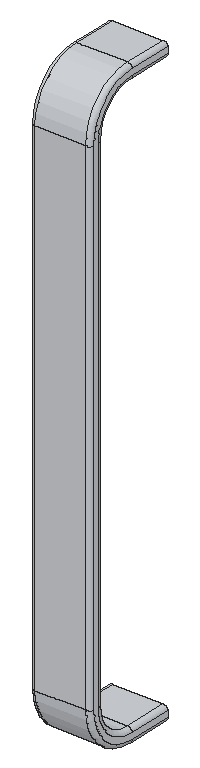
Revit family "Ручка дверная для корпусной мебели травмобезопасная", category Обобщенные модели, Revit 2017
Family settings
  Может служить основой для арматурных стержней = Нет
  Размер круглого соединителя = Использовать диаметр
  Тип детали = Нормальный
  На основе рабочей плоскости = Нет
  Всегда вертикально = Да
  При загрузке вырезать с полостями = Нет
  Общий = Нет
  Точка расчета площади = Нет
Parameters (values of type "Вертикальная")
  Материал [instance] = none
  Keynote = ""
  Длина [instance] = 200.0 mm
  Model = ""
  Горизонтальная = no
  Вертикальная = yes
Types (2, lengths in mm): name | Горизонтальная | Вертикальная
  Вертикальная | no | yes
  Горизонтальная | yes | no
Reference planes
  plane 1 "По центру (Вперед/Назад)": y = 0
  plane 2: z = 0
  plane 3 "По центру (Влево/Вправо)": x = 0
  plane 4: z = 100
  plane 5: z = -100
  plane 6: x = -100
  plane 7: x = 100
Forms (mm)
  Sweep 1, solid, visible <- "Вертикальная"
    path origin (-700, -1524, 571.719) x (0, 0, 1) y (0, -1, 0)
      loop
        line (-471.719, -1524) -> (-471.719, -1509)
        arc (-471.719, -1509) -> (-476.113, -1498.393) -> (-486.719, -1494) r 15
        line (-486.719, -1494) -> (-656.719, -1494)
        arc (-656.719, -1494) -> (-667.326, -1498.393) -> (-671.719, -1509) r 15
        line (-671.719, -1509) -> (-671.719, -1524)
    profile origin (-700, -7.5, 100) x (0, 0, -1) y (1, 0, 0)
      loop
        line (2.5, 691.5) -> (2.5, 708.5)
        arc (2.5, 708.5) -> (2.061, 709.561) -> (1, 710) r 1.5
        line (1, 710) -> (-1, 710)
        arc (-1, 710) -> (-2.061, 709.561) -> (-2.5, 708.5) r 1.5
        line (-2.5, 708.5) -> (-2.5, 691.5)
        arc (-2.5, 691.5) -> (-2.061, 690.439) -> (-1, 690) r 1.5
        line (-1, 690) -> (1, 690)
        arc (1, 690) -> (2.061, 690.439) -> (2.5, 691.5) r 1.5
  Sweep 2, solid, visible <- "Горизонтальная"
    path origin (-571.719, -1524, -700) x (-1, 0, 0) y (0, -1, 0)
      loop
        line (-471.719, -1524) -> (-471.719, -1509)
        arc (-471.719, -1509) -> (-476.113, -1498.393) -> (-486.719, -1494) r 15
        line (-486.719, -1494) -> (-656.719, -1494)
        arc (-656.719, -1494) -> (-667.326, -1498.393) -> (-671.719, -1509) r 15
        line (-671.719, -1509) -> (-671.719, -1524)
    profile origin (-100, -7.5, -700) x (1, 0, 0) y (0, 0, 1)
      loop
        line (2.5, 691.5) -> (2.5, 708.5)
        arc (2.5, 708.5) -> (2.061, 709.561) -> (1, 710) r 1.5
        line (1, 710) -> (-1, 710)
        arc (-1, 710) -> (-2.061, 709.561) -> (-2.5, 708.5) r 1.5
        line (-2.5, 708.5) -> (-2.5, 691.5)
        arc (-2.5, 691.5) -> (-2.061, 690.439) -> (-1, 690) r 1.5
        line (-1, 690) -> (1, 690)
        arc (1, 690) -> (2.061, 690.439) -> (2.5, 691.5) r 1.5
Dimensions and locks
  "Длина": plane 4 to plane 5
  "Длина": plane 7 to plane 6
  equal spacing: plane 7, plane 3 "По центру (Влево/Вправо)", plane 6
  equal spacing: plane 4, level, plane 5
  aligned and locked: level to plane 2
  aligned and locked: plane 4 to Sweep 1 sketch curve
  aligned and locked: Sweep 1 sketch curve to plane 5
  aligned and locked: plane 7 to Sweep 2 sketch curve
  aligned and locked: Sweep 2 sketch curve to plane 6
Automatic sketch dimensions
  Sweep 1 sketch curve to plane 1 "По центру (Вперед/Назад)" = 0.0 mm  (x2)
  plane 5 to Sweep 1 sketch curve = 15.0 mm
  plane 1 "По центру (Вперед/Назад)" to Sweep 1 sketch curve = 15.0 mm
  Sweep 1 sketch curve to plane 4 = 15.0 mm
  profile plane to Sweep 1 sketch curve = 2.5 mm
  profile plane to Sweep 1 sketch curve = 1.0 mm  (x2)
  Sweep 1 sketch curve to profile plane = 1.0 mm  (x2)
  Sweep 1 sketch curve to Sweep 1 sketch curve = 1.5 mm
  profile plane to Sweep 1 sketch curve = 690.0 mm
  Sweep 1 sketch curve to Sweep 1 sketch curve = 17.0 mm
  profile plane to Sweep 2 sketch curve = 2.5 mm
  profile plane to Sweep 2 sketch curve = 1.0 mm  (x2)
  Sweep 2 sketch curve to profile plane = 1.0 mm  (x2)
  Sweep 2 sketch curve to Sweep 2 sketch curve = 1.5 mm
  profile plane to Sweep 2 sketch curve = 690.0 mm
  Sweep 2 sketch curve to Sweep 2 sketch curve = 17.0 mm
  plane 1 "По центру (Вперед/Назад)" to Sweep 2 sketch curve = 0.0 mm  (x2)
  Sweep 2 sketch curve to plane 7 = 15.0 mm
  plane 1 "По центру (Вперед/Назад)" to Sweep 2 sketch curve = 15.0 mm
  plane 6 to Sweep 2 sketch curve = 15.0 mm
